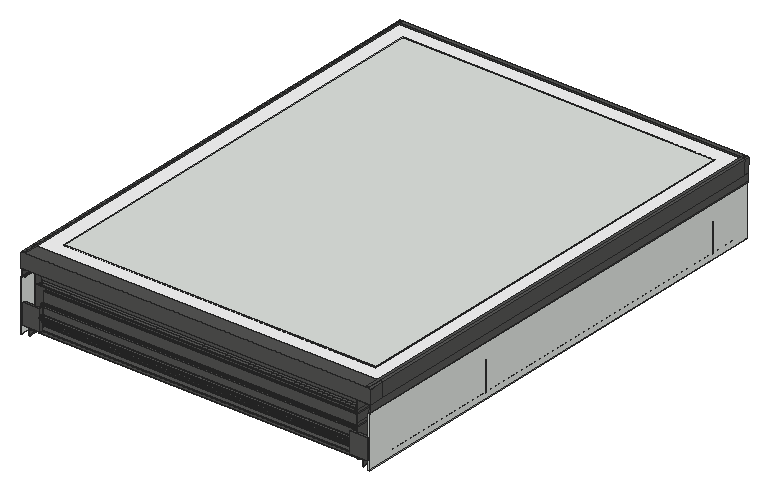
Revit family "Furniture-Lighted_Medicine_Cabinet-KOHLER-Grooming-K-33690_1", category Lighting Fixtures, host Face, Revit 2021 (continued)
Definition of nested family "K-33690"
  Lines and regions (in)
    symbolic lines, visible <- "Surface Mount", detail levels medium+fine
      curve 183: arc (-29.18502, 0, 0.90945) -> (-29.19894, 0, 0.90368) -> (-29.2047, 0, 0.88976) r 0.01969
      curve 184: line (-29.2047, 0, 0.88976) -> (-29.2047, 0, 0.80371)
      curve 185: line (-29.11415, 0, 0.83858) -> (-28.95667, 0, 0.83858)
      curve 186: arc (-28.95667, 0, 0.83858) -> (-28.94275, 0, 0.84435) -> (-28.93698, 0, 0.85827) r 0.01969
      curve 187: arc (-29.13383, 0, 0.8189) -> (-29.12807, 0, 0.83282) -> (-29.11415, 0, 0.83858) r 0.01969
      curve 188: line (-29.13383, 0, 0.46457) -> (-29.13383, 0, 0.8189)
      curve 189: line (-29.21651, 0, 0.77391) -> (-29.2047, 0, 0.80371)
      curve 190: line (-29.08942, 0, 1.51357) -> (-29.08942, 0, 0.90945)
      curve 191: line (-29.08942, 0, 0.61124) -> (-29.08942, 0, 0.83858)
      curve 192: line (-29.00787, 0, 2.68898) -> (-29.00787, 0, 1.54612)
      curve 193: line (-29.80315, 0, 0.32677) -> (-29.80315, 0, 2.68898)
      curve 194: line (-29.77163, 0, 0.32677) -> (-29.77163, 0, 2.68898)
      curve 195: line (-29.6928, 0, 1.54612) -> (-29.6928, 0, 2.68898)
      curve 196: line (-29.07066, 0, 1.54612) -> (-29.07066, 0, 2.68898)
      curve 197: line (-29.8985, 0, 0) -> (-29.8985, 0, 3.40551)
      curve 198: line (-29.82591, 0, 3.40551) -> (-29.82591, 0, 0)
      curve 199: line (-29.80315, 0, 0.02276) -> (-29.92126, 0, 0.02276)
      curve 200: line (-7.00785, 0, 3.30352) -> (-28.93698, 0, 3.30352)
      curve 201: line (-7.00785, 0, 3.22048) -> (-28.93698, 0, 3.22048)
      curve 202: line (-7.00785, 0, 3.14961) -> (-28.93698, 0, 3.14961)
      curve 203: line (-7.00785, 0, 3.06662) -> (-28.93698, 0, 3.06662)
    symbolic lines, detail levels medium+fine
      curve 8: line (0, 0.01921, 4.16142) -> (0, 31.67323, 4.16142)
      curve 9: line (0, 0.10827, 4.16142) -> (0, 0.10827, 4.94882)
      curve 10: line (0, 0.10827, 4.1811) -> (0, 8.08411, 4.1811)
      curve 11: line (0, 8.08167, 4.1811) -> (0, 31.58465, 4.1811)
      curve 14: line (0, 31.58465, 4.94882) -> (0, 31.58465, 4.16142)
      curve 16: line (-7.00783, 0, 4.00394) -> (-28.8189, 0, 4.00394)
      curve 19: line (-6.30298, 31.57433, 4.87598) -> (-6.0226, 31.57433, 4.87598)
      curve 20: line (-6.29868, 31.57433, 4.87598) -> (-6.29868, 0.07845, 4.87598)
      curve 21: line (-6.30298, 31.57433, 4.87598) -> (-6.30298, 31.41738, 4.87598)
      curve 22: line (-6.30298, 31.41738, 4.87598) -> (-29.58273, 31.41738, 4.87598)
      curve 23: line (-6.09834, 31.69244, 4.87598) -> (-6.09834, 0, 4.87598)
      curve 24: line (-6.30298, 0.96412, 4.87598) -> (-6.30298, 0.07845, 4.87598)
      curve 25: line (-6.30298, 0.96412, 4.87598) -> (-29.58273, 0.96412, 4.87598)
      curve 26: line (-6.11285, 31.67971, 4.87598) -> (-6.11285, 0.01143, 4.87598)
      curve 27: line (-6.11285, 0.01143, 4.87598) -> (-29.77478, 0.01143, 4.87598)
      curve 28: line (-29.86232, 0.19638, 4.87598) -> (-29.86232, 31.67358, 4.87598)
      curve 29: line (-29.85629, 0, 4.87598) -> (-29.85629, 31.68763, 4.87598)
      curve 30: arc (-29.86232, 31.67358, 4.87598) -> (-29.85708, 31.68683, 4.87598) -> (-29.84419, 31.69291, 4.87598) r 0.01937
      curve 31: line (-29.58703, 31.57433, 4.87598) -> (-29.58703, 0.07845, 4.87598)
      curve 32: line (-29.58273, 0.07845, 4.87598) -> (-29.86232, 0.07845, 4.87598)
      curve 33: line (-29.58273, 0.96412, 4.87598) -> (-29.58273, 0.07845, 4.87598)
      curve 34: line (-29.58273, 31.57433, 4.87598) -> (-29.92124, 31.57433, 4.87598)
      curve 35: line (-29.58273, 31.57433, 4.87598) -> (-29.58273, 31.41738, 4.87598)
      curve 36: line (-7.23423, 30.4326, 4.87598) -> (-28.5925, 30.4326, 4.87598)
      curve 37: line (-28.5925, 30.4326, 4.87598) -> (-28.5925, 1.98772, 4.87598)
      curve 38: line (-28.5925, 1.98772, 4.87598) -> (-7.23423, 1.98772, 4.87598)
      curve 39: line (-29.7893, 0, 4.87598) -> (-29.7893, 31.69244, 4.87598)
      curve 40: line (-29.77478, 0.01143, 4.87598) -> (-29.77478, 31.67971, 4.87598)
      curve 41: line (-29.77478, 31.67971, 4.87598) -> (-6.11285, 31.67971, 4.87598)
      curve 42: line (0, 7.70079, 4.94882) -> (0, 0.01921, 4.94882)
      curve 43: arc (0, 0.01921, 4.94882) -> (0, 0.0069, 4.94449) -> (0, 0, 4.93341) r 0.01969
      curve 44: arc (0, 0, 4.17682) -> (0, 0.0069, 4.16574) -> (0, 0.01921, 4.16142) r 0.01969
      curve 45: line (0, 0.07599, 4.00394) -> (0, 0.07599, 4.16142)
      curve 46: line (0, 0.07599, 4.01806) -> (0, 7.02495, 4.01806)
      curve 47: arc (0, 7.02441, 4.00394) -> (0, 7.02677, 4.08266) -> (0, 7.02756, 4.16142) r 3.93701
      curve 48: line (0, 7.70079, 4.94882) -> (0, 31.67323, 4.94882)
      curve 49: arc (0, 31.67323, 4.94882) -> (0, 31.68715, 4.94305) -> (0, 31.69291, 4.92913) r 0.01969
      curve 50: line (0, 7.02495, 4.01806) -> (0, 31.57448, 4.01806)
      curve 51: arc (0, 31.69291, 4.1811) -> (0, 31.68715, 4.16718) -> (0, 31.67323, 4.16142) r 0.01969
      curve 52: arc (0, 31.60433, 4.16142) -> (0, 31.59041, 4.16718) -> (0, 31.58465, 4.1811) r 0.01969
      curve 53: line (0, 31.57208, 4.94882) -> (0, 31.57208, 4.98819)
      curve 54: line (0, 31.67323, 4.00394) -> (0, 31.67323, 4.16142)
      curve 55: line (0, 31.57448, 4.16142) -> (0, 31.57448, 4.01806)
      curve 56: line (-28.93698, 0, 3.94488) -> (-28.93698, 0, 0.85827)
      curve 57: circle (-28.01865, 0, 4.51575) r 0.15748 normal (0, -1, 0)
      curve 58: circle (-28.01865, 0, 4.51575) r 0.12849 normal (0, -1, 0)
      curve 59: arc (-28.0011, 0, 4.60257) -> (-28.01865, 0, 4.60433) -> (-28.0362, 0, 4.60257) r 0.08858
      curve 60: line (-28.0011, 0, 4.60257) -> (-28.0011, 0, 4.56209)
      curve 61: line (-27.93185, 0, 4.53341) -> (-27.97242, 0, 4.53341)
      curve 62: arc (-27.97242, 0, 4.53341) -> (-27.9927, 0, 4.54181) -> (-28.0011, 0, 4.56209) r 0.02868
      curve 63: line (-28.0362, 0, 4.60257) -> (-28.0362, 0, 4.56209)
      curve 64: line (-28.10546, 0, 4.53341) -> (-28.06489, 0, 4.53341)
      curve 65: arc (-28.06489, 0, 4.53341) -> (-28.0446, 0, 4.54181) -> (-28.0362, 0, 4.56209) r 0.02868
      curve 66: line (-28.0011, 0, 4.42892) -> (-28.0011, 0, 4.46941)
      curve 67: line (-27.93185, 0, 4.49809) -> (-27.97242, 0, 4.49809)
      curve 68: arc (-27.97242, 0, 4.49809) -> (-27.9927, 0, 4.48969) -> (-28.0011, 0, 4.46941) r 0.02868
      curve 69: line (-28.0362, 0, 4.42892) -> (-28.0362, 0, 4.46941)
      curve 70: line (-28.10546, 0, 4.49809) -> (-28.06489, 0, 4.49809)
      curve 71: arc (-28.06489, 0, 4.49809) -> (-28.0446, 0, 4.48969) -> (-28.0362, 0, 4.46941) r 0.02868
      curve 72: arc (-28.10546, 0, 4.53341) -> (-28.10724, 0, 4.51575) -> (-28.10546, 0, 4.49809) r 0.08858
      curve 73: arc (-28.0362, 0, 4.42892) -> (-28.01865, 0, 4.42717) -> (-28.0011, 0, 4.42892) r 0.08858
      curve 74: arc (-27.93185, 0, 4.49809) -> (-27.93007, 0, 4.51575) -> (-27.93185, 0, 4.53341) r 0.08858
      curve 75: circle (-29.27369, 0, 4.51575) r 0.15748 normal (0, -1, 0)
      curve 76: circle (-29.27369, 0, 4.51575) r 0.12849 normal (0, -1, 0)
      curve 77: arc (-29.25614, 0, 4.60257) -> (-29.27369, 0, 4.60433) -> (-29.29124, 0, 4.60257) r 0.08858
      curve 78: line (-29.25614, 0, 4.60257) -> (-29.25614, 0, 4.56209)
      curve 79: line (-29.18689, 0, 4.53341) -> (-29.22746, 0, 4.53341)
      curve 80: arc (-29.22746, 0, 4.53341) -> (-29.24774, 0, 4.54181) -> (-29.25614, 0, 4.56209) r 0.02868
      curve 81: line (-29.29124, 0, 4.60257) -> (-29.29124, 0, 4.56209)
      curve 82: line (-29.3605, 0, 4.53341) -> (-29.31992, 0, 4.53341)
      curve 83: arc (-29.31992, 0, 4.53341) -> (-29.29964, 0, 4.54181) -> (-29.29124, 0, 4.56209) r 0.02868
      curve 84: line (-29.25614, 0, 4.42892) -> (-29.25614, 0, 4.46941)
      curve 85: line (-29.18689, 0, 4.49809) -> (-29.22746, 0, 4.49809)
      curve 86: arc (-29.22746, 0, 4.49809) -> (-29.24774, 0, 4.48969) -> (-29.25614, 0, 4.46941) r 0.02868
      curve 87: line (-29.29124, 0, 4.42892) -> (-29.29124, 0, 4.46941)
      curve 88: line (-29.3605, 0, 4.49809) -> (-29.31992, 0, 4.49809)
      curve 89: arc (-29.31992, 0, 4.49809) -> (-29.29964, 0, 4.48969) -> (-29.29124, 0, 4.46941) r 0.02868
      curve 90: arc (-29.3605, 0, 4.53341) -> (-29.36227, 0, 4.51575) -> (-29.3605, 0, 4.49809) r 0.08858
      curve 91: arc (-29.29124, 0, 4.42892) -> (-29.27369, 0, 4.42717) -> (-29.25614, 0, 4.42892) r 0.08858
      curve 92: arc (-29.18689, 0, 4.49809) -> (-29.18511, 0, 4.51575) -> (-29.18689, 0, 4.53341) r 0.08858
      curve 93: line (-6.30298, 0.07845, 4.87598) -> (-6.02362, 0.07845, 4.87598)
      curve 95: line (-7.0079, 0, 3.94488) -> (-7.0079, 0, 3.66929)
      curve 96: circle (-7.92623, 0, 4.51575) r 0.15748 normal (0, 1, 0)
      curve 97: circle (-7.92623, 0, 4.51575) r 0.12849 normal (0, 1, 0)
      curve 98: arc (-7.94378, 0, 4.60257) -> (-7.92623, 0, 4.60433) -> (-7.90868, 0, 4.60257) r 0.08858
      curve 99: line (-7.94378, 0, 4.60257) -> (-7.94378, 0, 4.56209)
      curve 100: line (-8.01303, 0, 4.53341) -> (-7.97246, 0, 4.53341)
      curve 101: arc (-7.97246, 0, 4.53341) -> (-7.95218, 0, 4.54181) -> (-7.94378, 0, 4.56209) r 0.02868
      curve 102: line (-7.90868, 0, 4.60257) -> (-7.90868, 0, 4.56209)
      curve 103: line (-7.83942, 0, 4.53341) -> (-7.88, 0, 4.53341)
      curve 104: arc (-7.88, 0, 4.53341) -> (-7.90028, 0, 4.54181) -> (-7.90868, 0, 4.56209) r 0.02868
      curve 105: line (-7.94378, 0, 4.42892) -> (-7.94378, 0, 4.46941)
      curve 106: line (-8.01303, 0, 4.49809) -> (-7.97246, 0, 4.49809)
      curve 107: arc (-7.97246, 0, 4.49809) -> (-7.95218, 0, 4.48969) -> (-7.94378, 0, 4.46941) r 0.02868
      curve 108: line (-7.90868, 0, 4.42892) -> (-7.90868, 0, 4.46941)
      curve 109: line (-7.83942, 0, 4.49809) -> (-7.88, 0, 4.49809)
      curve 110: arc (-7.88, 0, 4.49809) -> (-7.90028, 0, 4.48969) -> (-7.90868, 0, 4.46941) r 0.02868
      curve 111: arc (-7.83942, 0, 4.53341) -> (-7.83765, 0, 4.51575) -> (-7.83942, 0, 4.49809) r 0.08858
      curve 112: arc (-7.90868, 0, 4.42892) -> (-7.92623, 0, 4.42717) -> (-7.94378, 0, 4.42892) r 0.08858
      curve 113: arc (-8.01303, 0, 4.49809) -> (-8.01481, 0, 4.51575) -> (-8.01303, 0, 4.53341) r 0.08858
      curve 114: circle (-6.67119, 0, 4.51575) r 0.15748 normal (0, 1, 0)
      curve 115: circle (-6.67119, 0, 4.51575) r 0.12849 normal (0, 1, 0)
      curve 116: arc (-6.68874, 0, 4.60257) -> (-6.67119, 0, 4.60433) -> (-6.65364, 0, 4.60257) r 0.08858
      curve 117: line (-6.68874, 0, 4.60257) -> (-6.68874, 0, 4.56209)
      curve 118: line (-6.75799, 0, 4.53341) -> (-6.71742, 0, 4.53341)
      curve 119: arc (-6.71742, 0, 4.53341) -> (-6.69714, 0, 4.54181) -> (-6.68874, 0, 4.56209) r 0.02868
      curve 120: line (-6.65364, 0, 4.60257) -> (-6.65364, 0, 4.56209)
      curve 121: line (-6.58438, 0, 4.53341) -> (-6.62496, 0, 4.53341)
      curve 122: arc (-6.62496, 0, 4.53341) -> (-6.64524, 0, 4.54181) -> (-6.65364, 0, 4.56209) r 0.02868
      curve 123: line (-6.68874, 0, 4.42892) -> (-6.68874, 0, 4.46941)
      curve 124: line (-6.75799, 0, 4.49809) -> (-6.71742, 0, 4.49809)
      curve 125: arc (-6.71742, 0, 4.49809) -> (-6.69714, 0, 4.48969) -> (-6.68874, 0, 4.46941) r 0.02868
      curve 126: line (-6.65364, 0, 4.42892) -> (-6.65364, 0, 4.46941)
      curve 127: line (-6.58438, 0, 4.49809) -> (-6.62496, 0, 4.49809)
      curve 128: arc (-6.62496, 0, 4.49809) -> (-6.64524, 0, 4.48969) -> (-6.65364, 0, 4.46941) r 0.02868
      curve 129: arc (-6.58438, 0, 4.53341) -> (-6.58261, 0, 4.51575) -> (-6.58438, 0, 4.49809) r 0.08858
      curve 130: arc (-6.65364, 0, 4.42892) -> (-6.67119, 0, 4.42717) -> (-6.68874, 0, 4.42892) r 0.08858
      curve 131: arc (-6.75799, 0, 4.49809) -> (-6.75977, 0, 4.51575) -> (-6.75799, 0, 4.53341) r 0.08858
      curve 204: line (0, 19.41393, 4.00394) -> (0, 22.36669, 4.00394)
      curve 205: line (0, 22.85396, 4.00394) -> (0, 23.64136, 4.00394)
      curve 206: line (0, 13.07417, 4.00394) -> (0, 10.61586, 4.00394)
      curve 207: line (0, 28.96979, 4.00394) -> (0, 26.52743, 4.00394)
      curve 208: line (0, 1.06908, 4.00394) -> (0, 7.02441, 4.00394)
      curve 209: line (-7.23423, 30.4326, 4.87598) -> (-7.23423, 1.98772, 4.87598)
  Dimensions and locks (in)
    level to plane 16 = 5.53937"
    plane 7 to plane 4 = 0.7874"
    plane 11 to plane 10 = 31.47638"
    plane 6 to level = 3.96457"
    plane 6 to plane 5 = 0.55906"
    plane 7 to plane 6 = 0.19685"
    plane 17 to plane 19 = 23.89764"
    plane 1 "Center (Front/Back)" to plane 8 = 31.69291"
    plane 11 to plane 13 = 7.69094"
    plane 12 to plane 10 = 23.59252"
    level to plane 21 = 4.98819"
    plane 19 to plane 17 = 23.89764"  (x2)
    plane 27 to plane 17 = 23.2579"
    plane 8 to plane 1 "Center (Front/Back)" = 31.69291"
    plane 4 to level = 4.94882"
    plane 21 to plane 22 = 0.98425"
    plane 21 to level = 4.98819"
    aligned and locked: plane 2 to level
    aligned and locked: imposter light to plane 23 "light plane"
    aligned and locked: plane 24 to imposter light
Definition of nested family "Light_Point_Source"
  Parameters (values of type "Light_Point_Source")
    Wattage = 8.75174 W
    built-in parameter 1150110 = 1 (stored number, unit not read)
    built-in parameter 1114217 = 1 (stored number, unit not read)
    built-in parameter 1150109 = 1 (stored number, unit not read)
    built-in parameter 1150134 = 12
    built-in parameter 1150113 = 1 (stored number, unit not read)
    built-in parameter 1150105 = 413.8 (stored number, unit not read)
    Lumens = 1300 lm
    built-in parameter 1150115 = 1 (stored number, unit not read)
    Light Source Symbol Size = 3 15/16"
    built-in parameter 1150137 = (empty or 0)
    built-in parameter 1150139 = (empty or 0)
    built-in parameter 1150112 = 1 (stored number, unit not read)
    built-in parameter 1150114 = 1 (stored number, unit not read)
    Lamp = "LED "
    built-in parameter 1150132 = 2
    built-in parameter 1150102 = (empty or 0)
    built-in parameter 1150107 = 4000 (stored number, unit not read)
    built-in parameter 1150138 = (empty or 0)
    built-in parameter 1150106 = 4.138 (stored number, unit not read)
    Emit from Line Length = 30 181/256"
    built-in parameter 1150104 = 13.8 (stored number, unit not read)
    Dimming Lamp Color Temperature Shift = 1
    Default Elevation = 48"
    Color Filter = 16777215
    built-in parameter 1114218 = 1 (stored number, unit not read)
    built-in parameter 1150133 = 10 (stored number, unit not read)
    Apparent Load = 40 VA
  Reference planes (in)
    plane 1 "Center (Front/Back)": y = 0
    plane 2: z = 0
    plane 3 "Center (Left/Right)": x = 0
    plane 4: x = 0
    plane 5: z = 0
    plane 6: z = 0
    plane 7: x = 0
    plane 8: x = 0
    plane 9: y = 0
    plane 10: x = 0
    plane 11: y = 0
    plane 12: z = 0
    plane 13: y = 1.5
    plane 14: y = -1.5
  Dimensions and locks (in)
    aligned and locked: plane 2 to level
Types (3): name | Type | Product Page URL | Product Documentation Link | Model | Description
  (no name) | 1 | "http://www.us.kohler.com/us/catalog/productDetails.jsp?productNumber=33690-L" | "https://www.us.kohler.com/webassets/kpna/catalog/pdf/en/K-33690-L_spec_US-CA_Kohler_en.pdf" | "K-33690-L-NA" | "600mm Lighted Cabinet Left Open "
  Left Side, NA-Black | 1 | "http://www.us.kohler.com/us/catalog/productDetails.jsp?productNumber=33690-L" | "https://www.us.kohler.com/webassets/kpna/catalog/pdf/en/K-33690-L_spec_US-CA_Kohler_en.pdf" | "K-33690-L-NA" | "600mm Lighted Cabinet Left Open "
  Right Side, NA-Black | 2 | "http://www.us.kohler.com/us/catalog/productDetails.jsp?productNumber=33690-R" | "https://www.us.kohler.com/webassets/kpna/catalog/pdf/en/K-33690-R_spec_US-CA_Kohler_en.pdf" | "K-33690-R-NA" | "600mm Lighted Cabinet Right Open"
